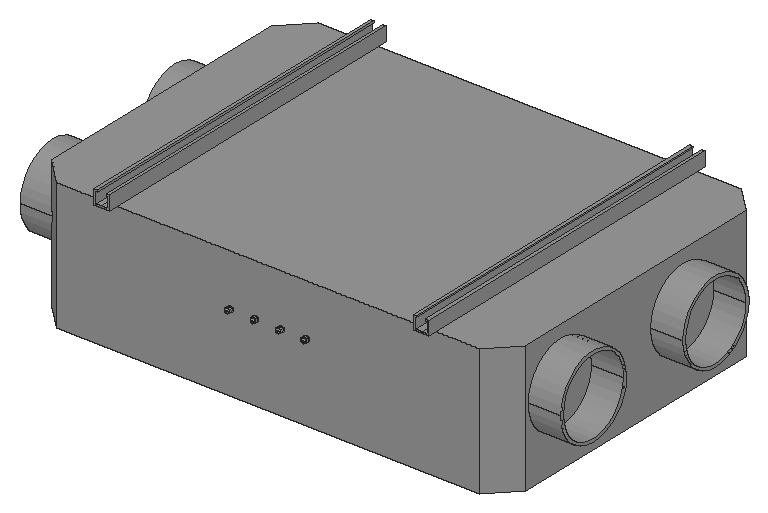
Revit family "Enave P 180_240_Ukr 1", category Оборудование, Revit 2021
Family settings
  Размер круглого соединителя = Использовать диаметр
  Классификация = Нет
  Тип детали = Нормальный
  На основе рабочей плоскости = Нет
  Всегда вертикально = Да
  При загрузке вырезать с полостями = Нет
  Общий = Нет
  Точка принадлежности помещению = Нет
Parameters (values of type "Enave-T 240 P")
  Ширина = W  # 677 mm
  Частота [instance] = 50 Hz
  Фільтр = "Coarse > 60%"  # constant formula
  Температура повітря, що переміщається = "+45°С"  # constant formula
  Струм = 1.340 A
  Статичний тиск повітря [instance] = 0.0 Pa
  Рівень звукового тиску на відстані 3 м = "33 dBA"
  Потужність = 171 W
  Повітряний потік [instance] = 0.0 m³/h
  Напруга = 230 V
  Максимальний потік повітря = 310.0 m³/h
  Класифікація навантаження = "HVAC"
  Діаметр = D  # 160 mm
  Довжина = L  # 1060 mm
  Висота = H  # 290 mm
  Вага = 15.00 kg
  wd1 = 134 mm  # constant formula
  W = 677 mm
  L = 1060 mm
  Отметка по умолчанию = 0 mm
  Изготовитель = "Вентс"  # constant formula
  wd2 = 300 mm  # constant formula
  d = D - 10 mm  # 150 mm
  Wk = 640 mm
  URL = ""
  Кількість фаз = 1
  Матеріал зони обслуговуваня = none
  Lk = 930 mm
  H = 290 mm
  D = 160 mm
  Матеріал корпусу = Полипропилен (черный)
  09_Назва системи [instance] = ""
  00_20_Тип = "Enave-T 240 P"
  00_20_Назва = "Припливно-витяжна установка"  # constant formula
  00_20_Виробник = "Вентс"  # constant formula
Types (5, lengths in mm): name | Струм | Рівень звукового тиску на відстані 3 м | Потужність | Максимальний потік повітря | Вага | 00_20_Тип
  (no name) | 1.340 A | "33 dBA" | 171 W | 310.0 m³/h | 15.00 kg | "Enave-T 240 P"
  Enave 180 P | 0.490 A | "29 dBA" | 53 W | 181.0 m³/h | 12.00 kg | "Enave 180 P"
  Enave-T 180 P | 0.490 A | "29 дБА" | 53 W | 181.0 m³/h | 15.00 kg | "Enave-T 180 P"
  Enave 240 P | 1.340 A | "33 dBA" | 171 W | 310.0 m³/h | 12.00 kg | "Enave 240 P"
  Enave-T 240 P | 1.340 A | "33 dBA" | 171 W | 310.0 m³/h | 15.00 kg | "Enave-T 240 P"
Reference planes
  plane 1 "По центру (Вперед/Назад)": y = 0
  plane 2: z = 0
  plane 3 "По центру (Влево/Вправо)": x = 0
  plane 4 "верхняя": y = 114
  plane 5 "нижняя": y = -186
  plane 6: z = -130
  plane 7: z = -290
  plane 8: y = 320
  plane 9: y = -320
  plane 10: x = 465
  plane 11: x = -465
Forms (mm)
  Extrusion 1, solid, material "Полипропилен (черный)" <- "Матеріал корпусу"
    sketch origin (0, 0, 0) x (1, 0, 0) y (0, 1, 0)
      loop
        line (-415, -320) -> (415, -320) -> (465, -270) -> (465, 270) -> (415, 320) -> (-415, 320) -> (-465, 270) -> (-465, -270) -> (-415, -320)
    from -28 to -283
  Blend 2, solid, material "Полипропилен (черный)" <- "Матеріал корпусу"
    base sketch origin (-20, 0, 0) x (1, 0, 0) y (0, 1, 0)
      loop
        line (-58.438, -320) -> (44.718, -124.541)
        arc (44.718, -124.541) -> (78.284, -87.616) -> (125.514, -71.508) r 100
        line (125.514, -71.508) -> (485, -43.954) -> (485, 0) -> (485, 43.954) -> (125.514, 71.508)
        arc (125.514, 71.508) -> (78.284, 87.616) -> (44.718, 124.541) r 100
        line (44.718, 124.541) -> (-58.438, 320) -> (-374.232, 320) -> (-289.538, 27.843)
        arc (-289.538, 27.843) -> (-285.584, 0) -> (-289.538, -27.843) r 100
        line (-289.538, -27.843) -> (-374.232, -320) -> (-58.438, -320)
    top sketch origin (-20, 0, 0) x (1, 0, 0) y (0, 1, 0)
      loop
        line (-47.883, -300) -> (44.718, -124.541)
        arc (44.718, -124.541) -> (78.284, -87.616) -> (125.514, -71.508) r 100
        line (125.514, -71.508) -> (465, -45.487) -> (465, 45.487) -> (125.514, 71.508)
        arc (125.514, 71.508) -> (78.284, 87.616) -> (44.718, 124.541) r 100
        line (44.718, 124.541) -> (-47.883, 300) -> (-368.434, 300) -> (-289.538, 27.843)
        arc (-289.538, 27.843) -> (-285.584, 0) -> (-289.538, -27.843) r 100
        line (-289.538, -27.843) -> (-368.434, -300) -> (-47.883, -300)
    from -283 to -290
  Extrusion 3, solid, material "Полипропилен (черный)" <- "Матеріал корпусу"
    sketch origin (410, 0, 0) x (0, -1, 0) y (0, 0, 1)
      loop
        circle (-114, -130) r 80
      loop
        circle (-114, -130) r 75
      loop
        circle (186, -130) r 80
      loop
        circle (186, -130) r 75
    from -120 to 940
Dimensions and locks
  equal spacing: Extrusion 1 sketch curve, plane 1 "По центру (Вперед/Назад)", Extrusion 1 sketch curve
  "Wk": Extrusion 1 sketch curve to Extrusion 1 sketch curve
  equal spacing: Extrusion 1 sketch curve, plane 3 "По центру (Влево/Вправо)", Extrusion 1 sketch curve
  "Lk": Extrusion 1 sketch curve to Extrusion 1 sketch curve
  "H": plane 7 to level
  "wd2": plane 4 "верхняя" to plane 5 "нижняя"
  locked: plane 7 to Extrusion 1 at 7
  equal spacing: plane 9, plane 1 "По центру (Вперед/Назад)", plane 8
  "Wk": plane 9 to plane 8
  "wd1": plane 5 "нижняя" to plane 9
  locked: plane 6 to level at 130
  locked: Extrusion 1 sketch curve to plane 9 at 50  (x2)
  equal spacing: plane 11, plane 3 "По центру (Влево/Вправо)", plane 10
  "Lk": plane 11 to plane 10
  locked: plane 11 to Extrusion 1 sketch curve at 50  (x2)
  locked: Extrusion 1 sketch curve to plane 10 at 50  (x2)
  locked: Extrusion 1 sketch curve to plane 8 at 50  (x2)
  equal spacing: Extrusion 3, plane 3 "По центру (Влево/Вправо)", Extrusion 3
  "L": Extrusion 3 to Extrusion 3
  locked: Blend 2 sketch curve to plane 8 at 20
  locked: plane 9 to Blend 2 sketch curve at 20
  locked: Blend 2 sketch curve to plane 10 at 20
  locked: Blend 2 to Blend 2 at 7
  locked: plane 3 "По центру (Влево/Вправо)" to nested 1 at 25
  locked: plane 3 "По центру (Влево/Вправо)" to nested 2 at 75
  locked: plane 3 "По центру (Влево/Вправо)" to nested 3 at 25
  locked: plane 3 "По центру (Влево/Вправо)" to nested 4 at 75
  locked: Extrusion 1 to level at 28
  locked: Extrusion 3 to nested 5 at 218
  nested 5 to nested 6 = 627 mm
  "D": diameter of Extrusion 3 sketch curve  (x2)
  "d": diameter of Extrusion 3 sketch curve  (x2)
  aligned and locked: level to plane 2
  aligned and locked: plane 4 "верхняя" to Extrusion 3 sketch curve  (x2)
  aligned and locked: plane 5 "нижняя" to Extrusion 3 sketch curve  (x2)
  aligned and locked: Blend 2 sketch curve to plane 9
  aligned and locked: plane 8 to Blend 2 sketch curve
  aligned and locked: plane 10 to Blend 2 sketch curve
  aligned and locked: Blend 2 to plane 7
  aligned and locked: nested 1 to plane 6
  aligned and locked: nested 2 to plane 6
  aligned and locked: plane 6 to nested 3
  aligned and locked: plane 6 to nested 4
  aligned and locked: plane 1 "По центру (Вперед/Назад)" to nested 5
  aligned and locked: nested 6 to plane 1 "По центру (Вперед/Назад)"
  aligned and locked: level to nested 5  (x2)
Automatic sketch dimensions
  Extrusion 3 sketch curve to Extrusion 3 sketch curve = 0 mm  (x2)
  Extrusion 3 sketch curve to plane 6 = 0 mm  (x2)
  plane 1 "По центру (Вперед/Назад)" to Blend 2 sketch curve = 0 mm  (x3)
  plane 3 "По центру (Влево/Вправо)" to Blend 2 sketch curve = 113.157 mm  (x4)
  plane 5 "нижняя" to Blend 2 sketch curve = 14.784 mm  (x2)
  Blend 2 sketch curve to plane 4 "верхняя" = 42.492 mm  (x2)
  Blend 2 sketch curve to Blend 2 sketch curve = 7.642 mm  (x4)
  plane 3 "По центру (Влево/Вправо)" to Blend 2 sketch curve = 24.718 mm  (x4)
  plane 4 "верхняя" to Blend 2 sketch curve = 10.541 mm  (x2)
  Blend 2 sketch curve to plane 3 "По центру (Влево/Вправо)" = 78.438 mm  (x2)
  plane 1 "По центру (Вперед/Назад)" to Blend 2 sketch curve = 27.843 mm  (x2)
  plane 11 to Blend 2 sketch curve = 155.462 mm  (x2)
  Blend 2 sketch curve to plane 1 "По центру (Вперед/Назад)" = 27.843 mm  (x2)
  plane 11 to Blend 2 sketch curve = 70.768 mm  (x2)
  plane 11 to Blend 2 sketch curve = 59.416 mm  (x2)
  plane 5 "нижняя" to Blend 2 sketch curve = 61.459 mm  (x2)
  plane 1 "По центру (Вперед/Назад)" to Blend 2 sketch curve = 43.954 mm
  Blend 2 sketch curve to plane 1 "По центру (Вперед/Назад)" = 43.954 mm
  Blend 2 sketch curve to plane 3 "По центру (Влево/Вправо)" = 67.883 mm  (x2)
  plane 11 to Blend 2 sketch curve = 76.566 mm  (x2)
  plane 1 "По центру (Вперед/Назад)" to Blend 2 sketch curve = 45.487 mm
  Blend 2 sketch curve to plane 1 "По центру (Вперед/Назад)" = 45.487 mm
Nested families
  nested 1: "Конектор" at (-25, -320, -130) x (1, 0, 0) z (0, -1, 0), type "10"
  nested 2: "Конектор" at (-75, -320, -130) x (1, 0, 0) z (0, -1, 0), type "10"
  nested 3: "Конектор" at (25, -320, -130) x (-1, 0, 0) z (0, -1, 0), type "10"
  nested 4: "Конектор" at (75, -320, -130) x (-1, 0, 0) z (0, -1, 0), type "10"
  nested 5: "Планка" at (-312, 0, 0), type "Планка"
    with L 677 mm
  nested 6: "Планка" at (315, 0, 0) x (-1, 0, 0) z (0, 0, 1), type "Планка"
    with L 677 mm
Connectors
  hvac at (-530, 114, -130), driven by "D"
    settings: on Extrusion 3, index 1, duct flow 0.0 m³/h, flow factor 0, pres drop 0.0 Pa, loss coef 0, conn angle 0.00°, conn width 304.8 mm, conn height 304.8 mm, conn diameter 160 mm, duct sys type 29, conn prof type 0, flow config 0, flow direction 0, loss method 0, conn ref index -1, conn util no, is conn primary yes, conn desc ""
  hvac at (-530, -186, -130), driven by "D"
    settings: on Extrusion 3, index 2, duct flow 0.0 m³/h, flow factor 0, pres drop 0.0 Pa, loss coef 0, conn angle 0.00°, conn width 304.8 mm, conn height 304.8 mm, conn diameter 160 mm, duct sys type 29, conn prof type 0, flow config 0, flow direction 0, loss method 0, conn ref index -1, conn util no, is conn primary no, conn desc ""
  hvac at (530, -186, -130), driven by "D"
    settings: on Extrusion 3, index 3, duct flow 0.0 m³/h, flow factor 0, pres drop 0.0 Pa, loss coef 0, conn angle 0.00°, conn width 304.8 mm, conn height 304.8 mm, conn diameter 160 mm, duct sys type 29, conn prof type 0, flow config 0, flow direction 0, loss method 0, conn ref index -1, conn util no, is conn primary no, conn desc ""
  hvac at (530, 114, -130), driven by "D"
    settings: on Extrusion 3, index 4, duct flow 0.0 m³/h, flow factor 0, pres drop 0.0 Pa, loss coef 0, conn angle 0.00°, conn width 304.8 mm, conn height 304.8 mm, conn diameter 160 mm, duct sys type 29, conn prof type 0, flow config 0, flow direction 0, loss method 0, conn ref index -1, conn util no, is conn primary no, conn desc ""
Definition of nested family "Конектор"
  Parameters (values of type "10")
    Default Elevation = 1219.2 mm
    r1 = r / 1.3333  # 3.75 mm
    r = 5 mm
    h3 = H / 3.2  # 2.812 mm
    h1 = H / 1.28  # 7.031 mm
    h4 = H / 6.4  # 1.406 mm
    H = 9 mm
    A = 2 * r * tan(30.00°)  # 5.774 mm
  Types (2, lengths in mm): name | r1 | r | h3 | h1 | h4 | H | A
    10 | 3.75 | 5 | 2.812 | 7.031 | 1.406 | 9 | 5.774
    16 | 6 | 8 | 3.75 | 9.375 | 1.875 | 12 | 9.238
  Reference planes
    plane 1 "По центру (Вперед/Назад)": y = 0
    plane 2: z = 0
    plane 3 "По центру (Влево/Вправо)": x = 0
  Forms (mm)
    Extrusion 1, solid
      sketch origin (-129.783, 0, -1.583) x (-1, 0, 0) y (0, -1, 0)
        loop
          line (-129.783, -5.774) -> (-124.783, -2.887) -> (-124.783, 2.887) -> (-129.783, 5.774) -> (-134.783, 2.887) -> (-134.783, -2.887) -> (-129.783, -5.774)
      from 1.583 to 2.989
    Extrusion 2, solid
      sketch origin (-129.783, 0, 0) x (-1, 0, 0) y (0, -1, 0)
        loop
          circle (-129.783, 0) r 3.75
      from 1.406 to 2.812
    Extrusion 3, solid
      sketch origin (-129.783, 0, 14.25) x (-1, 0, 0) y (0, -1, 0)
        loop
          line (-129.783, -5.774) -> (-124.783, -2.887) -> (-124.783, 2.887) -> (-129.783, 5.774) -> (-134.783, 2.887) -> (-134.783, -2.887) -> (-129.783, -5.774)
      from -11.438 to -7.219
    Revolve 4, solid
      sketch origin (-129.783, 0, -5.678) x (-1, 0, 0) y (0, 0, -1)
        loop
          line (-126.033, -12.709) -> (-129.783, -12.709) -> (-129.783, -14.678) -> (-127.033, -14.678)
          arc (-127.033, -14.678) -> (-126.326, -14.385) -> (-126.033, -13.678) r 1
          line (-126.033, -13.678) -> (-126.033, -12.709)
        axis (-129.783, -14.678) -> (-129.783, -12.709)
      angle from 0 to 360
  Dimensions and locks
    "A": Extrusion 3 sketch curve to Extrusion 3 sketch curve  (x6)
    equal spacing: Extrusion 3 sketch curve, plane 1 "По центру (Вперед/Назад)", Extrusion 3 sketch curve  (x2)
    "A": Extrusion 3 sketch curve to plane 1 "По центру (Вперед/Назад)" to Extrusion 3 sketch curve
    "A": Extrusion 1 sketch curve to Extrusion 1 sketch curve  (x6)
    "A": Extrusion 1 sketch curve to plane 1 "По центру (Вперед/Назад)" to Extrusion 1 sketch curve
    "r1": plane 3 "По центру (Влево/Вправо)" to Revolve 4 sketch curve
    "H": level to Revolve 4 sketch curve
    "h1": level to Extrusion 3
    "h3": level to Extrusion 3
    "h1": level to Revolve 4 sketch curve
    "h3": level to Extrusion 2
    "h4": level to Extrusion 2
    "h4": level to Extrusion 1
    "r1": radius of Extrusion 2 sketch curve
    aligned and locked: level to plane 2
    aligned and locked: Extrusion 1 to Extrusion 2
    aligned and locked: Extrusion 1 to level
    aligned and locked: Extrusion 3 to Extrusion 2
  Automatic sketch dimensions
    Extrusion 1 sketch curve to plane 3 "По центру (Влево/Вправо)" = 0 mm  (x2)
    plane 1 "По центру (Вперед/Назад)" to Extrusion 2 sketch curve = 0 mm
    Extrusion 2 sketch curve to plane 3 "По центру (Влево/Вправо)" = 0 mm
    Extrusion 3 sketch curve to plane 3 "По центру (Влево/Вправо)" = 0 mm
    Revolve 4 sketch curve to plane 3 "По центру (Влево/Вправо)" = 0 mm  (x2)
    Revolve 4 sketch curve to Revolve 4 sketch curve = 1 mm
    level to Revolve 4 sketch curve = 1.702 mm
    Revolve 4 sketch curve to level = 6.18 mm
Definition of nested family "Планка"
  Parameters (values of type "Семейство1")
    Default Elevation = 0 mm
    L = 900 mm
  Reference planes
    plane 1 "По центру (Вперед/Назад)": y = 0
    plane 2: z = 0
    plane 3 "По центру (Влево/Вправо)": x = 0
  Forms (mm)
    Extrusion 1, solid
      sketch origin (0, 0, 0) x (1, 0, 0) y (0, 0, 1)
        loop
          line (0, -28) -> (15, -28) -> (15, 0) -> (8.953, 0) -> (8.953, -2.958) -> (11.986, -2.958) -> (11.986, -25) -> (0, -25) -> (-11.986, -25) -> (-11.986, -2.958) -> (-8.953, -2.958) -> (-8.953, 0) -> (-15, 0) -> (-15, -28) -> (0, -28)
      from -450 to 450
  Dimensions and locks
    equal spacing: Extrusion 1, plane 1 "По центру (Вперед/Назад)", Extrusion 1
    "L": Extrusion 1 to Extrusion 1
    aligned and locked: level to plane 2
  Automatic sketch dimensions
    Extrusion 1 sketch curve to level = 0 mm  (x2)
    Extrusion 1 sketch curve to plane 3 "По центру (Влево/Вправо)" = 0 mm  (x2)
    Extrusion 1 sketch curve to plane 3 "По центру (Влево/Вправо)" = 8.953 mm
    Extrusion 1 sketch curve to plane 3 "По центру (Влево/Вправо)" = 11.986 mm
    Extrusion 1 sketch curve to Extrusion 1 sketch curve = 3.014 mm  (x2)
    Extrusion 1 sketch curve to level = 2.958 mm  (x2)
    plane 3 "По центру (Влево/Вправо)" to Extrusion 1 sketch curve = 8.953 mm
    Extrusion 1 sketch curve to Extrusion 1 sketch curve = 3.033 mm
    Extrusion 1 sketch curve to Extrusion 1 sketch curve = 22.042 mm
    Extrusion 1 sketch curve to Extrusion 1 sketch curve = 3 mm
